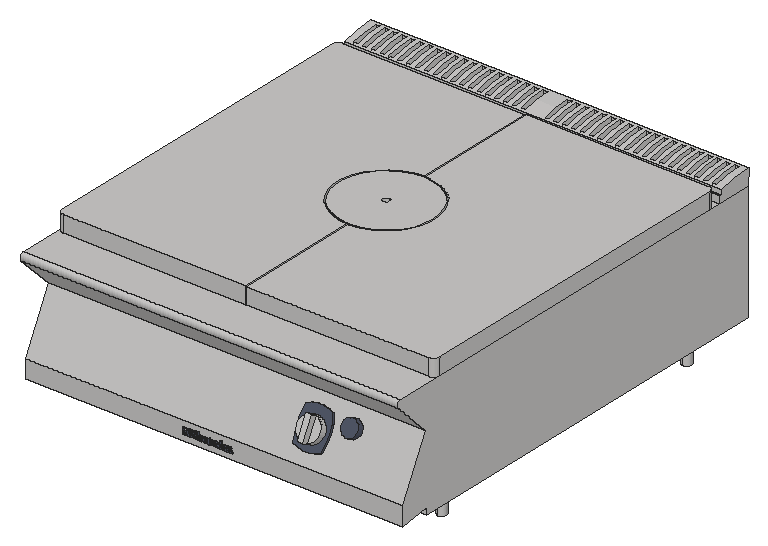
Revit family "QF_ELECTROLUXPROFESSIONAL_391018_E9STGH1000", category Specialty Equipment, Revit 2018 (continued)
Automatic sketch dimensions
  Extrusion 7 sketch curve to Extrusion 7 sketch curve = 1.361 mm
  Extrusion 7 sketch curve to Extrusion 7 sketch curve = 0.822 mm
  Extrusion 7 sketch curve to Extrusion 7 sketch curve = 0.069 mm
  Extrusion 7 sketch curve to Extrusion 7 sketch curve = 1.88 mm
  Extrusion 7 sketch curve to Extrusion 7 sketch curve = 0.42 mm
  Extrusion 7 sketch curve to Extrusion 7 sketch curve = 0.062 mm
  Extrusion 7 sketch curve to Extrusion 7 sketch curve = 1.355 mm
  Extrusion 7 sketch curve to Extrusion 7 sketch curve = 2.34 mm
  Extrusion 7 sketch curve to Extrusion 7 sketch curve = 0.493 mm
  Extrusion 7 sketch curve to Extrusion 7 sketch curve = 0.136 mm
  Extrusion 7 sketch curve to Extrusion 7 sketch curve = 0.128 mm
  Extrusion 7 sketch curve to Extrusion 7 sketch curve = 3.616 mm
  Extrusion 7 sketch curve to Extrusion 7 sketch curve = 4.207 mm
  Extrusion 7 sketch curve to Extrusion 7 sketch curve = 0.183 mm
  Extrusion 7 sketch curve to Extrusion 7 sketch curve = 0.895 mm
  Extrusion 7 sketch curve to Extrusion 7 sketch curve = 1.314 mm
  Extrusion 7 sketch curve to Extrusion 7 sketch curve = 3.231 mm
  Extrusion 7 sketch curve to Extrusion 7 sketch curve = 1.299 mm
  Extrusion 7 sketch curve to Extrusion 7 sketch curve = 1.214 mm
  Extrusion 7 sketch curve to Extrusion 7 sketch curve = 1.264 mm
  Extrusion 7 sketch curve to Extrusion 7 sketch curve = 0.109 mm
  Extrusion 7 sketch curve to Extrusion 7 sketch curve = 0.357 mm
  Extrusion 7 sketch curve to Extrusion 7 sketch curve = 0.565 mm
  Extrusion 7 sketch curve to Extrusion 7 sketch curve = 2.504 mm
  Extrusion 7 sketch curve to Extrusion 7 sketch curve = 2.459 mm
  Extrusion 1 to Extrusion 7 sketch curve = 359.748 mm
  Extrusion 7 sketch curve to Extrusion 7 sketch curve = 0.208 mm
  Extrusion 7 sketch curve to Extrusion 7 sketch curve = 0.468 mm  (x2)
  Extrusion 7 sketch curve to Extrusion 7 sketch curve = 1.559 mm
  Extrusion 7 sketch curve to Extrusion 7 sketch curve = 0.422 mm  (x2)
  Extrusion 7 sketch curve to Extrusion 7 sketch curve = 0.494 mm
  Extrusion 7 sketch curve to Extrusion 7 sketch curve = 3.927 mm
  Extrusion 7 sketch curve to Extrusion 7 sketch curve = 0.782 mm
  Extrusion 7 sketch curve to Extrusion 7 sketch curve = 1.268 mm
  Extrusion 7 sketch curve to Extrusion 7 sketch curve = 0.671 mm
  Extrusion 7 sketch curve to Extrusion 7 sketch curve = 0.777 mm
  Extrusion 7 sketch curve to Extrusion 7 sketch curve = 0.704 mm
  Extrusion 7 sketch curve to Extrusion 7 sketch curve = 0.781 mm  (x2)
  Extrusion 7 sketch curve to Extrusion 7 sketch curve = 1.634 mm
  Extrusion 7 sketch curve to Extrusion 7 sketch curve = 0.132 mm
  Extrusion 7 sketch curve to Extrusion 7 sketch curve = 3.136 mm
  Extrusion 7 sketch curve to Extrusion 7 sketch curve = 2.422 mm
  Extrusion 7 sketch curve to Extrusion 7 sketch curve = 0.586 mm
  Extrusion 7 sketch curve to Extrusion 7 sketch curve = 2.046 mm  (x2)
  Extrusion 7 sketch curve to Extrusion 7 sketch curve = 1.241 mm
  Extrusion 7 sketch curve to Extrusion 7 sketch curve = 1.689 mm
  Extrusion 7 sketch curve to Extrusion 7 sketch curve = 2.859 mm
  Extrusion 7 sketch curve to Extrusion 7 sketch curve = 0.627 mm
  Extrusion 7 sketch curve to Extrusion 7 sketch curve = 0.863 mm
  Extrusion 7 sketch curve to Extrusion 7 sketch curve = 0.419 mm
  Extrusion 7 sketch curve to Extrusion 7 sketch curve = 1.514 mm
  Extrusion 7 sketch curve to Extrusion 7 sketch curve = 1.019 mm
  Extrusion 7 sketch curve to Extrusion 7 sketch curve = 0.065 mm
  Extrusion 7 sketch curve to Extrusion 7 sketch curve = 1.215 mm
  Extrusion 7 sketch curve to Extrusion 7 sketch curve = 2.708 mm
  Extrusion 7 sketch curve to Extrusion 7 sketch curve = 1.122 mm
  Extrusion 7 sketch curve to Extrusion 7 sketch curve = 1.153 mm
  Extrusion 7 sketch curve to Extrusion 7 sketch curve = 3.009 mm
  Extrusion 7 sketch curve to Extrusion 7 sketch curve = 0.829 mm  (x2)
  Extrusion 7 sketch curve to Extrusion 7 sketch curve = 0.934 mm
  Extrusion 7 sketch curve to Extrusion 7 sketch curve = 3.376 mm
  Extrusion 7 sketch curve to Extrusion 7 sketch curve = 0.222 mm
  Extrusion 7 sketch curve to Extrusion 7 sketch curve = 1.383 mm
  Extrusion 7 sketch curve to Extrusion 7 sketch curve = 1.556 mm
  Extrusion 7 sketch curve to Extrusion 7 sketch curve = 2.559 mm
  Extrusion 7 sketch curve to Extrusion 7 sketch curve = 2.51 mm
  Extrusion 7 sketch curve to Extrusion 7 sketch curve = 0.131 mm
  Extrusion 7 sketch curve to Extrusion 7 sketch curve = 1.717 mm
  Extrusion 7 sketch curve to Extrusion 7 sketch curve = 1.134 mm
  Extrusion 7 sketch curve to Extrusion 7 sketch curve = 0.366 mm
  Extrusion 7 sketch curve to Extrusion 7 sketch curve = 0.094 mm
  Extrusion 7 sketch curve to Extrusion 7 sketch curve = 1.584 mm
  Extrusion 7 sketch curve to Extrusion 7 sketch curve = 1.501 mm
  Extrusion 7 sketch curve to Extrusion 7 sketch curve = 0.27 mm
  Extrusion 7 sketch curve to Extrusion 7 sketch curve = 1.808 mm
  Extrusion 7 sketch curve to Extrusion 7 sketch curve = 0.643 mm
  Extrusion 7 sketch curve to Extrusion 7 sketch curve = 0.916 mm
  Extrusion 7 sketch curve to Extrusion 7 sketch curve = 0.352 mm
  Extrusion 7 sketch curve to Extrusion 7 sketch curve = 0.458 mm
  Extrusion 7 sketch curve to Extrusion 7 sketch curve = 1.282 mm
  Extrusion 7 sketch curve to Extrusion 7 sketch curve = 1.363 mm
  Extrusion 7 sketch curve to Extrusion 7 sketch curve = 0.685 mm
  Extrusion 7 sketch curve to Extrusion 7 sketch curve = 0.905 mm
  Extrusion 7 sketch curve to Extrusion 7 sketch curve = 2.865 mm
  Extrusion 7 sketch curve to Extrusion 7 sketch curve = 0.472 mm
  Extrusion 7 sketch curve to Extrusion 7 sketch curve = 0.101 mm
  Extrusion 7 sketch curve to Extrusion 7 sketch curve = 0.54 mm
  Extrusion 7 sketch curve to Extrusion 7 sketch curve = 0.02 mm
  Extrusion 7 sketch curve to Extrusion 7 sketch curve = 0.582 mm
  Extrusion 7 sketch curve to Extrusion 7 sketch curve = 0.166 mm
  Extrusion 7 sketch curve to Extrusion 7 sketch curve = 0.16 mm
  Extrusion 7 sketch curve to Extrusion 7 sketch curve = 2.781 mm
  Extrusion 7 sketch curve to Extrusion 7 sketch curve = 1.118 mm
  Extrusion 7 sketch curve to Extrusion 7 sketch curve = 0.613 mm
  Extrusion 7 sketch curve to Extrusion 7 sketch curve = 0.361 mm
  Extrusion 7 sketch curve to Extrusion 7 sketch curve = 0.897 mm
  Extrusion 7 sketch curve to Extrusion 7 sketch curve = 0.167 mm
  Extrusion 7 sketch curve to Extrusion 7 sketch curve = 0.292 mm
  Extrusion 7 sketch curve to Extrusion 7 sketch curve = 0.305 mm
  Extrusion 7 sketch curve to Extrusion 7 sketch curve = 1.557 mm
  Extrusion 7 sketch curve to Extrusion 7 sketch curve = 2.499 mm
  Extrusion 7 sketch curve to Extrusion 7 sketch curve = 3.062 mm
  Extrusion 7 sketch curve to Extrusion 7 sketch curve = 2.968 mm
  Extrusion 7 sketch curve to Extrusion 7 sketch curve = 5.044 mm
  Extrusion 7 sketch curve to Extrusion 7 sketch curve = 0.629 mm  (x2)
  Extrusion 7 sketch curve to Extrusion 7 sketch curve = 1.131 mm
  Extrusion 7 sketch curve to Extrusion 7 sketch curve = 0.137 mm
  Extrusion 7 sketch curve to Extrusion 7 sketch curve = 0.027 mm
  Extrusion 7 sketch curve to Extrusion 7 sketch curve = 2.235 mm
  Extrusion 4 sketch curve to Extrusion 4 sketch curve = 0 mm  (x4)
  Extrusion 4 sketch curve to Extrusion 1 = 90 mm
  Extrusion 4 sketch curve to Extrusion 4 sketch curve = 12.7 mm  (x3)
  Extrusion 4 sketch curve to Extrusion 4 sketch curve = 266.811 mm
  Extrusion 4 sketch curve to Extrusion 4 sketch curve = 0.002 mm  (x3)
  Extrusion 4 sketch curve to Extrusion 4 sketch curve = 103.185 mm
  Extrusion 4 sketch curve to Extrusion 4 sketch curve = 103.179 mm
  Extrusion 4 sketch curve to Extrusion 4 sketch curve = 0.013 mm
  Extrusion 4 sketch curve to Extrusion 1 = 103.2 mm  (x2)
  Extrusion 1 to Extrusion 4 sketch curve = 0 mm
  Extrusion 4 sketch curve to Extrusion 4 sketch curve = 385.713 mm
  Extrusion 4 sketch curve to Extrusion 4 sketch curve = 385.871 mm
  Extrusion 4 sketch curve to Extrusion 4 sketch curve = 0.437 mm
  Extrusion 4 sketch curve to Extrusion 4 sketch curve = 0.119 mm
  Extrusion 4 sketch curve to Extrusion 4 sketch curve = 2.877 mm
  Extrusion 1 to Extrusion 4 sketch curve = 12.7 mm
  radius of Extrusion 11 sketch curve = 17.78 mm
  radius of Extrusion 9 sketch curve = 25.4 mm
  radius of Extrusion 10 sketch curve to Extrusion 9 = 0 mm  (x2)
  radius of Extrusion 13 sketch curve = 6.4 mm
  radius of Extrusion 4 sketch curve = 100 mm
  radius of Extrusion 4 sketch curve = 7 mm
Connectors
  piping at (748, -664, 3.813), diameter 12.8
    settings: on Extrusion 13, index 1, connector inside diameter 0.50394", connector length 0 mm, flow factor 0, pipe flow 0 GPM, pressure drop 0.00 psi, fitting loss kfactor 0, connector angle 0.00°, fixture units 0, engagement length 0 mm, angle of deflection 0.00°, flow configuration 1, flow direction 1, fitting loss method 0, system type 7, joint type 0, gender type 0, connector reference index -1, connector utility 0, adjustable connector no, is connector primary yes, connector description "GAS CONNECTION"
